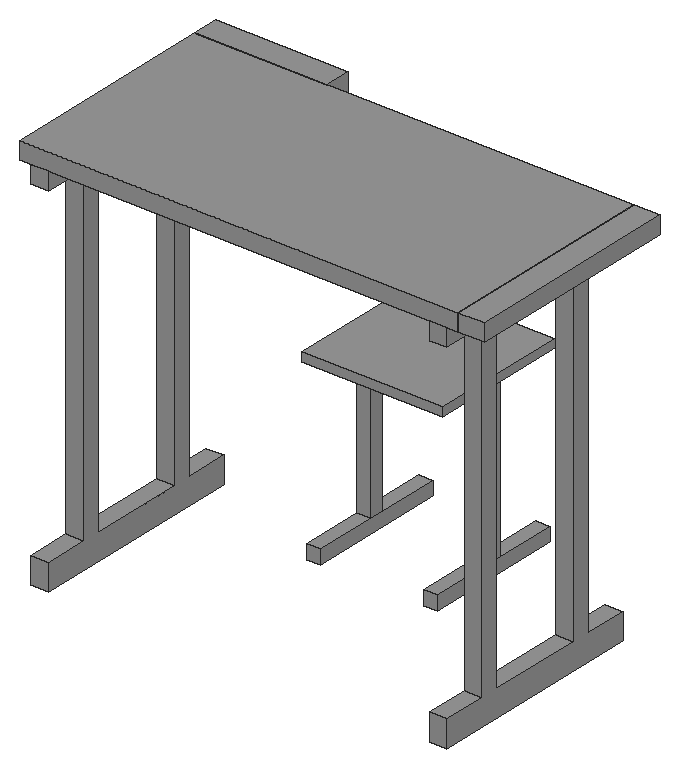
Revit family "АВЛН_Верстак", category Мебель, Revit 2019
Family settings
  Номер OmniClass = 23.40.20.00
  Заголовок OmniClass = General Furniture and Specialties
  На основе рабочей плоскости = Нет
  Всегда вертикально = Да
  При загрузке вырезать с полостями = Нет
  Общий = Нет
  Точка расчета площади = Нет
Parameters (values of type "Верстак столярный с передними и боковыми тисками")
  Описание = "Верстак столярный с передними и боковыми тисками\r\n1000х500х660(900)мм, в комплекте с подставками\r\nдля ног и табуретом"
  М.столешница = Деревянная обшивка, ДСП
  М.ножки = Сталь, окрашенная, темно-серая, матовая
  Type Comments = ""
  Keynote = ""
  Изготовитель = "Россия"
  Группа модели = "Оборудование основных помещений школы"  # constant formula
  Верстак столярный = yes
  Верстак слесарный = no
  ADSK_Размер_Ширина = 500 mm
  ADSK_Размер_Длина = 1000 mm
  ADSK_Размер_Высота = 900 mm
  ADSK_Обозначение = "ВСт-У"
  ADSK_Масса = 0
  ADSK_Код изделия = ""
  ADSK_Единица измерения = "шт"  # constant formula
Types (3, lengths in mm): name | Описание | М.столешница | М.ножки | Верстак слесарный | ADSK_Обозначение
  (no name) | "Верстак столярный с передними и боковыми тисками\r\n1000х500х660(900)мм, в комплекте с подставками\r\nдля ног и табуретом" | Деревянная обшивка, ДСП | Сталь, окрашенная, темно-серая, матовая | no | "ВСт-У"
  Верстак слесарный учебный с тисками h=660 | "Верстак слесарный учебный с тисками\r\n1000х500х660(900)мм с защитным экраном 700х2200\r\nмм\r\nв комплекте с подставками для ног и табуретом" | none | none | yes | "ВС-У"
  Верстак столярный с передними и боковыми тисками | "Верстак столярный с передними и боковыми тисками\r\n1000х500х660(900)мм, в комплекте с подставками\r\nдля ног и табуретом" | Деревянная обшивка, ДСП | Сталь, окрашенная, темно-серая, матовая | no | "ВСт-У"
Reference planes
  plane 1 "По центру (Вперед/Назад)": y = 0
  plane 2: z = 0
  plane 3 "По центру (Влево/Вправо)": x = 0
  plane 4: z = 900
  plane 5: y = 250
  plane 6: x = 500
  plane 7: x = -500
  plane 8: y = -250
  plane 9: x = 475
  plane 10: x = -475
Forms (mm)
  Extrusion 1, solid, material "Деревянная обшивка, ДСП" <- "М.столешница"
    sketch origin (0, -518.993, 567.976) x (-1, 0, 0) y (0, -1, 0)
      loop
        line (500, -768.993) -> (500, -268.993) -> (-500, -268.993) -> (-500, -768.993) -> (500, -768.993)
    from 292.024 to 332.024
  Sweep 2, solid, material "Сталь, окрашенная, темно-серая, матовая" <- "М.ножки", visible <- "Верстак слесарный"
    path origin (0, 0, 0) x (0, 1, 0) y (0, 0, 1)
      loop
        line (250, 60) -> (-250, 60)
    profile origin (0, 0, 60) x (0, 0, -1) y (1, 0, 0)
      loop
        line (28, 475) -> (28, 443) -> (60, 443) -> (60, 475) -> (28, 475)
  Sweep 3, solid, material "Сталь, окрашенная, темно-серая, матовая" <- "М.ножки", visible <- "Верстак слесарный"
    path origin (0, 0, 0) x (1, 0, 0) y (0, 0, 1)
      loop
        line (459, 32) -> (459, 860)
    profile origin (459, 0, 446) x (-1, 0, 0) y (0, -1, 0)
      loop
        line (16, -16) -> (16, 16) -> (-16, 16) -> (-16, -16) -> (16, -16)
  Sweep 4, solid, material "Сталь, окрашенная, темно-серая, матовая" <- "М.ножки", visible <- "Верстак слесарный"
    path origin (0, 0, 0) x (-1, 0, 0) y (0, 0, 1)
      loop
        line (459, 32) -> (459, 860)
    profile origin (-459, 0, 446) x (-1, 0, 0) y (0, -1, 0)
      loop
        line (-16, -16) -> (16, -16) -> (16, 16) -> (-16, 16) -> (-16, -16)
  Sweep 5, solid, material "Сталь, окрашенная, темно-серая, матовая" <- "М.ножки", visible <- "Верстак слесарный"
    path origin (-918, 0, 0) x (0, 1, 0) y (0, 0, 1)
      loop
        line (250, 60) -> (-250, 60)
    profile origin (-918, 0, 60) x (0, 0, -1) y (1, 0, 0)
      loop
        line (28, 475) -> (28, 443) -> (60, 443) -> (60, 475) -> (28, 475)
  Extrusion 6, solid, material "Сталь, окрашенная, темно-серая, матовая" <- "М.ножки", visible <- "Верстак слесарный"
    sketch origin (0, -518.993, 1092.976) x (-1, 0, 0) y (0, -1, 0)
      loop
        line (500, -268.993) -> (-500, -268.993) -> (-500, -283.993) -> (500, -283.993) -> (500, -268.993)
    from -192.976 to 507.024
  Extrusion 7, solid, material "Сталь, окрашенная, темно-серая, матовая" <- "М.ножки", visible <- "Верстак слесарный"
    sketch origin (0, -518.993, 592.976) x (-1, 0, 0) y (0, -1, 0)
      loop
        line (391.447, -668.993) -> (311.447, -668.993) -> (311.447, -768.993) -> (391.447, -768.993) -> (391.447, -668.993)
    from 307.024 to 402.024
  Extrusion 8, solid, material "Деревянная обшивка, ДСП" <- "М.столешница", visible <- "Верстак столярный"
    sketch origin (0, 0, 0) x (0, 1, 0) y (0, 0, 1)
      loop
        line (250, 860) -> (-250, 860) -> (-250, 820) -> (-150, 820) -> (-150, 60) -> (-250, 60) -> (-250, 0) -> (250, 0) -> (250, 60) -> (150, 60) -> (150, 820) -> (250, 820) -> (250, 860)
      loop
        line (110, 60) -> (110, 820) -> (-110, 820) -> (-110, 60) -> (110, 60)
    from -475 to -434.992
  Extrusion 9, solid, material "Деревянная обшивка, ДСП" <- "М.столешница", visible <- "Верстак столярный"
    sketch origin (700, 0, 0) x (0, 1, 0) y (0, 0, 1)
      loop
        line (250, 860) -> (-250, 860) -> (-250, 820) -> (-150, 820) -> (-150, 60) -> (-250, 60) -> (-250, 0) -> (250, 0) -> (250, 60) -> (150, 60) -> (150, 820) -> (250, 820) -> (250, 860)
      loop
        line (110, 60) -> (110, 820) -> (-110, 820) -> (-110, 60) -> (110, 60)
    from -265 to -225
  Extrusion 10, solid, material "Деревянная обшивка, ДСП" <- "М.столешница"
    sketch origin (0, -518.993, 592.976) x (-1, 0, 0) y (0, -1, 0)
      loop
        line (-500, -268.993) -> (-560, -268.993) -> (-560, -768.993) -> (-500, -768.993) -> (-500, -268.993)
    from 267.024 to 307.024
  Extrusion 11, solid, material "Деревянная обшивка, ДСП" <- "М.столешница"
    sketch origin (0, -518.993, 592.976) x (-1, 0, 0) y (0, -1, 0)
      loop
        line (500, -768.993) -> (200, -768.993) -> (200, -828.993) -> (500, -828.993) -> (500, -768.993)
    from 267.024 to 307.024
Lines and regions (mm)
  Masking region 1
    outline origin (0, -518.993, 592.976) x (-1, 0, 0) y (0, -1, 0)
      loop
        line (160, -768.993) -> (160, -648.993) -> (-160, -648.993) -> (-160, -768.993) -> (160, -768.993)
  model lines, style "ТХ оборудование"
    curve 1: line (5655.355, 19051.771, 592.976) -> (5655.355, -7875.909, 592.976)
    curve 2: line (1283.659, 17154.302, 592.976) -> (1883.659, 17154.302, 592.976)
    curve 3: line (1583.659, 17154.302, 592.976) -> (1583.659, 17174.302, 592.976)
    curve 4: line (1583.659, 17174.302, 592.976) -> (1863.659, 17174.302, 592.976)
  model lines, style "Furniture", visible <- "Верстак слесарный"
    curve 5: line (-391.447, 250, 900) -> (-391.447, 150, 900)
    curve 6: line (-391.447, 150, 900) -> (-311.447, 150, 900)
    curve 7: line (-311.447, 150, 900) -> (-311.447, 250, 900)
    curve 8: line (-311.447, 250, 900) -> (-391.447, 250, 900)
    curve 9: line (-369.411, 150, 900) -> (-369.411, 80, 900)
    curve 10: line (-369.411, 80, 900) -> (-333.585, 80, 900)
    curve 11: line (-333.585, 80, 900) -> (-333.585, 150, 900)
    curve 12: line (-311.447, 210.884, 900) -> (-391.447, 210.884, 900)
    curve 13: line (-391.447, 210.884, 900) -> (-391.447, 204.983, 900)
    curve 14: line (-391.447, 204.983, 900) -> (-311.447, 204.983, 900)
    curve 15: line (-311.447, 204.983, 900) -> (-311.447, 200.122, 900)
    curve 16: line (-311.447, 200.122, 900) -> (-391.447, 200.122, 900)
    curve 17: line (-391.447, 200.122, 900) -> (-391.447, 194.599, 900)
    curve 18: line (-391.447, 194.599, 900) -> (-311.447, 194.599, 900)
    curve 19: line (-345.093, 250, 900) -> (-345.093, 263.292, 900)
    curve 20: line (-345.093, 263.292, 900) -> (-357.61, 263.292, 900)
    curve 21: line (-357.61, 263.292, 900) -> (-357.61, 250, 900)
    curve 22: line (-351.352, 263.292, 900) -> (-394.297, 255.95, 900)
    curve 23: line (-394.297, 255.95, 900) -> (-394.297, 251.844, 900)
    curve 24: line (-394.297, 251.844, 900) -> (-352.665, 258.747, 900)
    curve 25: line (-352.665, 258.747, 900) -> (-352.665, 263.068, 900)
  symbolic lines, visible <- "Верстак столярный"
    curve 26: line (560, 194.599, 592.976) -> (585, 194.599, 592.976)
    curve 27: line (585, 194.599, 592.976) -> (585, 104.599, 592.976)
    curve 28: line (585, 104.599, 592.976) -> (560, 104.599, 592.976)
    curve 29: line (-475, 310, 592.976) -> (-475, 335, 592.976)
    curve 30: line (-475, 335, 592.976) -> (-405, 335, 592.976)
    curve 31: line (-405, 335, 592.976) -> (-405, 310, 592.976)
    curve 32: line (-295, 310, 592.976) -> (-295, 335, 592.976)
    curve 33: line (-295, 335, 592.976) -> (-225, 335, 592.976)
    curve 34: line (-225, 335, 592.976) -> (-225, 310, 592.976)
Dimensions and locks
  plane 2 to plane 4 = 900 mm
  equal spacing: plane 5, plane 1 "По центру (Вперед/Назад)", plane 8
  equal spacing: plane 7, plane 3 "По центру (Влево/Вправо)", plane 6
  "ADSK_Размер_Длина": plane 7 to plane 6
  "ADSK_Размер_Ширина": plane 5 to plane 8
  locked: Extrusion 1 to plane 4 at 40
  "ADSK_Размер_Высота": plane 2 to plane 4
  locked: Sweep 2 sketch curve to Sweep 2 sketch curve at 32  (x2)
  Sweep 2 to plane 6 = 25 mm
  locked: Sweep 3 sketch curve to Sweep 3 sketch curve at 32  (x2)
  locked: Sweep 4 sketch curve to Sweep 4 sketch curve at 32  (x2)
  plane 7 to Sweep 4 = 25 mm
  Sweep 3 to plane 6 = 25 mm
  locked: plane 7 to plane 10 at 25
  locked: plane 9 to plane 6 at 25
  locked: Sweep 5 sketch curve to Sweep 5 sketch curve at 32  (x2)
  locked: Extrusion 6 sketch curve to plane 8 at 15
  locked: plane 4 to Extrusion 6 at 700
  nested 1 to plane 5 = 200 mm
  equal spacing: nested 1, nested 1, nested 1
  locked: plane 4 to Extrusion 7 at 95
  locked: plane 10 to Extrusion 8 at 40.008
  locked: Extrusion 9 to plane 9 at 40
  locked: Extrusion 1 to Extrusion 10 sketch curve at 60
  locked: Extrusion 11 sketch curve to Extrusion 11 sketch curve at 60
  locked: Extrusion 11 sketch curve to Extrusion 11 sketch curve at 300
  locked: plane 10 to curve 31 at 70
  locked: curve 31 to curve 32 at 110
  locked: curve 32 to curve 34 at 70
  locked: curve 30 to Extrusion 11 at 25
  locked: curve 33 to Extrusion 11 at 25
  aligned and locked: level to plane 2
  aligned and locked: Extrusion 1 sketch curve to plane 5
  aligned and locked: Extrusion 1 sketch curve to plane 7
  aligned and locked: plane 8 to Extrusion 1 sketch curve
  aligned and locked: plane 6 to Extrusion 1 sketch curve
  aligned and locked: Extrusion 1 to plane 4
  aligned and locked: plane 8 to Sweep 2 sketch curve
  aligned and locked: plane 5 to Sweep 2 sketch curve
  aligned and locked: plane 2 to Sweep 2 sketch curve
  aligned and locked: Extrusion 1 to Sweep 3 sketch curve
  aligned and locked: Sweep 3 sketch curve to Sweep 2
  aligned and locked: Sweep 3 to Extrusion 1
  aligned and locked: Sweep 2 to plane 9
  aligned and locked: Sweep 3 to plane 9
  aligned and locked: plane 10 to Sweep 4
  aligned and locked: plane 10 to Sweep 5
  aligned and locked: Extrusion 6 sketch curve to plane 8
  aligned and locked: Extrusion 6 sketch curve to plane 6
  aligned and locked: plane 7 to Extrusion 6 sketch curve
  aligned and locked: plane 4 to Extrusion 6
  aligned and locked: plane 7 to Extrusion 6
  aligned and locked: Extrusion 6 to plane 6
  aligned and locked: Extrusion 7 sketch curve to curve 6
  aligned and locked: Extrusion 7 sketch curve to curve 5
  aligned and locked: Extrusion 7 sketch curve to curve 8
  aligned and locked: Extrusion 7 sketch curve to curve 7
  aligned and locked: plane 4 to Extrusion 7
  aligned and locked: plane 10 to Extrusion 8
  aligned and locked: Extrusion 9 to plane 9
  aligned and locked: Extrusion 10 to Extrusion 1  (x2)
  aligned and locked: plane 5 to Extrusion 11 sketch curve
  aligned and locked: Extrusion 11 sketch curve to plane 7
  aligned and locked: Extrusion 1 to Extrusion 11
  aligned and locked: Extrusion 11 to Extrusion 1
Automatic sketch dimensions
  level to Sweep 2 sketch curve = 60 mm
  Sweep 5 sketch curve to plane 8 = 0 mm
  Sweep 5 sketch curve to plane 5 = 0 mm
  level to Sweep 5 sketch curve = 60 mm
  curve 29 to plane 10 = 0 mm
  curve 28 to plane 6 = 85 mm
  curve 4 to plane 6 = 1083.659 mm
  plane 5 to curve 4 = 16924.302 mm
  curve 26 to plane 5 = 55.401 mm
  curve 26 to curve 27 = 90 mm
  curve 27 to curve 28 = 25 mm
  curve 26 to curve 26 = 25 mm
  curve 3 to curve 2 = 300 mm
  curve 4 to curve 3 = 280 mm
  curve 2 to curve 4 = 20 mm
  curve 1 to curve 2 = 3771.696 mm
  curve 1 to curve 4 = 1877.47 mm
  curve 3 to curve 3 = 20 mm
  curve 30 to curve 31 = 25 mm
  curve 32 to curve 32 = 25 mm
  curve 33 to curve 34 = 25 mm
  curve 29 to curve 29 = 25 mm
  curve 1 to plane 8 = 7625.909 mm
  plane 3 "По центру (Влево/Вправо)" to Sweep 2 sketch curve = 443 mm
  plane 9 to Sweep 3 sketch curve = 16 mm
  profile plane to Sweep 3 sketch curve = 16 mm
  Sweep 3 sketch curve to plane 1 "По центру (Вперед/Назад)" = 16 mm
  plane 10 to Sweep 4 sketch curve = 16 mm
  Sweep 4 sketch curve to level = 32 mm
  Sweep 4 sketch curve to plane 4 = 40 mm
  profile plane to Sweep 4 sketch curve = 16 mm
  Sweep 4 sketch curve to plane 1 "По центру (Вперед/Назад)" = 16 mm
  Sweep 5 sketch curve to profile plane = 28 mm
  profile plane to Sweep 5 sketch curve = 443 mm
  Masking region 1 sketch curve to plane 5 = 0 mm
  plane 3 "По центру (Влево/Вправо)" to Masking region 1 sketch curve = 160 mm
  Masking region 1 sketch curve to plane 3 "По центру (Влево/Вправо)" = 160 mm
  Masking region 1 sketch curve to plane 5 = 120 mm
  curve 7 to plane 5 = 0 mm
  curve 15 to plane 5 = 49.878 mm
  curve 15 to plane 10 = 163.553 mm
  curve 6 to curve 15 = 0 mm
  curve 6 to curve 10 = 22.138 mm
  plane 5 to curve 19 = 13.292 mm
  curve 7 to curve 19 = 33.647 mm
  curve 19 to curve 25 = 7.572 mm
  curve 25 to curve 20 = 4.945 mm
  curve 10 to curve 9 = 35.826 mm
  curve 21 to curve 13 = 33.837 mm
  curve 16 to curve 13 = 0 mm
  curve 21 to curve 8 = 33.837 mm
  curve 5 to curve 23 = 2.85 mm
  curve 22 to curve 24 = 4.546 mm
  plane 5 to curve 23 = 5.95 mm
  plane 5 to curve 24 = 1.844 mm
  curve 13 to curve 16 = 10.762 mm
  curve 14 to curve 16 = 4.861 mm
  curve 16 to curve 18 = 5.523 mm
  curve 18 to curve 7 = 44.599 mm
  curve 9 to curve 10 = 70 mm
  curve 22 to curve 25 = 1.313 mm
  Extrusion 8 sketch curve to plane 8 = 0 mm  (x2)
  Extrusion 8 sketch curve to level = 0 mm
  Extrusion 8 sketch curve to plane 5 = 0 mm  (x2)
  plane 8 to Extrusion 8 sketch curve = 100 mm
  Extrusion 8 sketch curve to Extrusion 8 sketch curve = 40 mm  (x2)
  Extrusion 8 sketch curve to plane 1 "По центру (Вперед/Назад)" = 110 mm
  level to Extrusion 8 sketch curve = 60 mm  (x2)
  Extrusion 8 sketch curve to Extrusion 8 sketch curve = 0 mm  (x2)
  plane 4 to Extrusion 8 sketch curve = 80 mm  (x2)
  plane 4 to Extrusion 8 sketch curve = 40 mm
  Extrusion 9 sketch curve to plane 8 = 0 mm  (x2)
  Extrusion 9 sketch curve to level = 0 mm
  Extrusion 9 sketch curve to plane 5 = 0 mm  (x2)
  plane 8 to Extrusion 9 sketch curve = 100 mm
  Extrusion 9 sketch curve to Extrusion 9 sketch curve = 40 mm  (x2)
  Extrusion 9 sketch curve to plane 1 "По центру (Вперед/Назад)" = 110 mm
  level to Extrusion 9 sketch curve = 60 mm  (x2)
  Extrusion 9 sketch curve to Extrusion 9 sketch curve = 0 mm  (x2)
  plane 4 to Extrusion 9 sketch curve = 80 mm  (x2)
  plane 4 to Extrusion 9 sketch curve = 40 mm
  Extrusion 10 sketch curve to plane 5 = 0 mm
  Extrusion 10 sketch curve to plane 6 = 0 mm
  Extrusion 10 sketch curve to plane 8 = 0 mm
Nested families
  nested 1: "Табурет школьный" at (0, 290, 0) x (0, 1, 0) z (0, 0, 1), type "Табурет"
Definition of nested family "Табурет школьный"
  Parameters (values of type "Табурет")
    Сиденье = none
    Description = ""
    Ножки = none
    Type Comments = ""
    Keynote = ""
    Manufacturer = ""
    Model = "Оборудование основных помещений школы"
    ADSK_Размер_Ширина = 320 mm
    ADSK_Размер_Длина = 320 mm
    ADSK_Размер_Высота = 420 mm
    ADSK_Обозначение = ""
    ADSK_Масса = 3.2  # constant formula
    ADSK_Код изделия = ""
    ADSK_Единица измерения = "шт"  # constant formula
  Reference planes
    plane 1 "По центру (Вперед/Назад)": y = 0
    plane 2: z = 0
    plane 3 "По центру (Влево/Вправо)": x = 0
    plane 4: z = 420
    plane 5: y = 160
    plane 6: y = -160
    plane 7: x = -160
    plane 8: x = 160
  Forms (mm)
    Extrusion 1, solid, material <- "Сиденье"
      sketch origin (0, -518.993, 464.488) x (-1, 0, 0) y (0, -1, 0)
        loop
          line (160, -678.993) -> (160, -358.993) -> (-160, -358.993) -> (-160, -678.993) -> (160, -678.993)
      from -64.488 to -44.488
    Sweep 2, solid, material <- "Ножки"
      path origin (0, 0, 0) x (1, 0, 0) y (0, 0, 1)
        loop
          line (0, 400) -> (0, 32)
      profile origin (0, 0, 216) x (0, -1, 0) y (1, 0, 0)
        loop
          line (-150, -16) -> (-118, -16) -> (-118, 16) -> (-150, 16) -> (-150, -16)
    Sweep 3, solid, material <- "Ножки"
      path origin (0, 0, 0) x (1, 0, 0) y (0, 0, 1)
        loop
          line (160, 0) -> (-160, 0)
      profile origin (0, 0, 0) x (0, 0, -1) y (0, -1, 0)
        loop
          line (0, -150) -> (0, -118) -> (-32, -118) -> (-32, -150) -> (0, -150)
    Sweep 4, solid, material <- "Ножки"
      path origin (0, -278, 0) x (1, 0, 0) y (0, 0, 1)
        loop
          line (0, 400) -> (0, 32)
      profile origin (0, -278, 216) x (0, -1, 0) y (1, 0, 0)
        loop
          line (-160, -16) -> (-128, -16) -> (-128, 16) -> (-160, 16) -> (-160, -16)
    Sweep 5, solid, material <- "Ножки"
      path origin (0, -278, 0) x (1, 0, 0) y (0, 0, 1)
        loop
          line (160, 0) -> (-160, 0)
      profile origin (0, -278, 0) x (0, 0, -1) y (0, -1, 0)
        loop
          line (0, -160) -> (0, -128) -> (-32, -128) -> (-32, -160) -> (0, -160)
  Dimensions and locks
    plane 2 to plane 4 = 420 mm
    "ADSK_Размер_Ширина": plane 5 to plane 6
    "ADSK_Размер_Длина": plane 7 to plane 8
    "ADSK_Размер_Высота": level to plane 4
    locked: Extrusion 1 to plane 4 at 20
    equal spacing: plane 7, plane 3 "По центру (Влево/Вправо)", plane 8
    equal spacing: plane 5, plane 1 "По центру (Вперед/Назад)", plane 6
    locked: Sweep 3 sketch curve to Sweep 3 sketch curve at 32  (x2)
    locked: Sweep 2 sketch curve to Sweep 2 sketch curve at 32  (x2)
    locked: Sweep 5 sketch curve to Sweep 5 sketch curve at 32  (x2)
    locked: Sweep 4 sketch curve to Sweep 4 sketch curve at 32  (x2)
    locked: Sweep 5 to plane 6 at 10
    locked: plane 5 to Sweep 3 at 10
    aligned and locked: level to plane 2
    aligned and locked: Extrusion 1 to plane 4
    aligned and locked: plane 8 to Extrusion 1
    aligned and locked: Extrusion 1 to plane 7
    aligned and locked: plane 5 to Extrusion 1
    aligned and locked: Extrusion 1 to plane 6
    aligned and locked: plane 3 "По центру (Влево/Вправо)" to Sweep 2 sketch curve
    aligned and locked: Sweep 3 sketch curve to plane 2  (x2)
    aligned and locked: plane 7 to Sweep 3 sketch curve
    aligned and locked: plane 8 to Sweep 3 sketch curve
    aligned and locked: Sweep 2 sketch curve to Sweep 3
    aligned and locked: Sweep 4 sketch curve to Sweep 5
    aligned and locked: Sweep 5 to plane 2
    aligned and locked: Sweep 5 to Sweep 4
    aligned and locked: Sweep 3 to Sweep 2
  Automatic sketch dimensions
    Extrusion 1 sketch curve to plane 5 = 0 mm
    Extrusion 1 sketch curve to plane 8 = 0 mm
    Extrusion 1 sketch curve to plane 6 = 0 mm
    Extrusion 1 sketch curve to plane 7 = 0 mm
    plane 4 to Sweep 2 sketch curve = 20 mm
    Sweep 2 sketch curve to profile plane = 16 mm
    Sweep 2 sketch curve to plane 1 "По центру (Вперед/Назад)" = 150 mm
    Sweep 3 sketch curve to plane 1 "По центру (Вперед/Назад)" = 150 mm
    Sweep 4 sketch curve to plane 3 "По центру (Влево/Вправо)" = 0 mm
    plane 4 to Sweep 4 sketch curve = 20 mm
    Sweep 4 sketch curve to profile plane = 16 mm
    Sweep 4 sketch curve to profile plane = 160 mm
    level to Sweep 5 sketch curve = 0 mm
    Sweep 5 sketch curve to plane 7 = 0 mm
    Sweep 5 sketch curve to plane 8 = 0 mm
    Sweep 5 sketch curve to profile plane = 0 mm
    Sweep 5 sketch curve to profile plane = 160 mm
